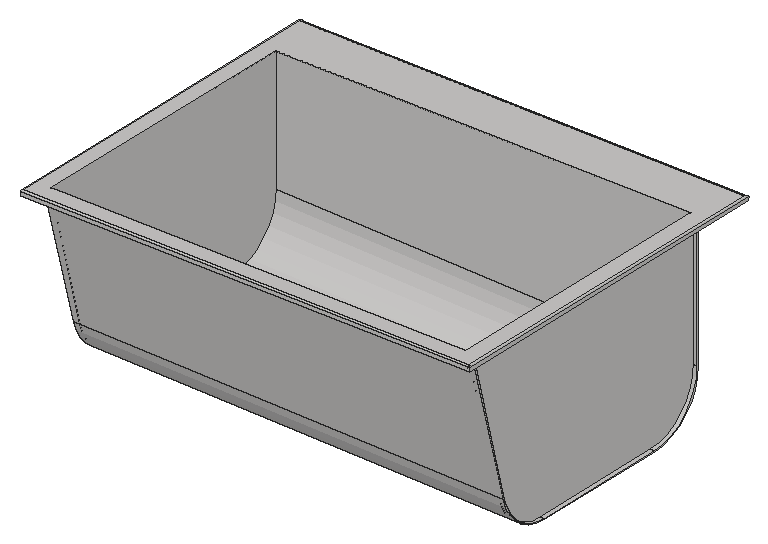
Revit family "PRD_FrankeWS_JntrlUnits_SiriusMultiPurposeSink_BS323N,BS324N", category Plumbing Fixtures, host Face, Revit 2018
Family settings
  Host = Face
  Round Connector Dimension = Use Diameter
  Part Type = Normal
  OmniClass Number = 23.45.05.14.14
  OmniClass Title = Sinks/Lavatories
  Cut with Voids When Loaded = No
  Shared = No
  Room Calculation Point = No
Parameters (values of type "BS323N")
  WaterSupplyOverflowAndWasteHolesWaterSupply = "Single tap hole, middle, 35 mm"
  WaterSupplyOverflowAndWasteHolesWaste = "Right-Back-Corner"
  WaterSupplyOverflowAndWasteHolesOverflow = "Stand pipe overflow"
  WasteSize = 40.00 mm
  WarrantyStartDate [instance] = "1900-12-31T23:59:59"
  WarrantyGuarantorParts = "n/a"
  WarrantyGuarantorLabor = "n/a"
  WarrantyDurationUnit = "year"
  WarrantyDurationParts = "n/a"
  WarrantyDurationLabor = "n/a"
  WarrantyDescription = "n/a"
  Version = "1"
  Uniclass2015Version = "Products v1.10"
  Uniclass2015Title = "Janitorial sinks"
  Uniclass2015Code = "Pr_40_20_96_44"
  URL = "www.kwc.com"
  Taphole = yes
  TagNumber [instance] = "n/a"
  SustainabilityPerformance = "n/a"
  Size = "670 x 520 x 281mm"
  SinkType = "Other"
  SinkMounting = "CounterTop"
  SinkMaterial = PRD_AR_StainlessSteel_SatinFinished
  Shape = "Rectangular"
  SerialNumber [instance] = "n/a"
  Revision = "n/a"
  ReplacementCost = "n/a"
  ProductInformation = "https://pim.kwc.com/product/2030045756/attachment/datasheet?locale=en"
  OutletSize = "DN 40 (1 1/2 inch.)"
  Options = "n/a"
  NominalWidth = 670 mm
  NominalHeight = 281 mm
  NominalDepth = 520 mm
  NetWeight = 6.10 kg
  Name = "Sirius multi purpose sink BS323N"
  NBSTypeID = "n/a"
  NBSReference = "45-35-70/401"
  NBSOfficeMasterTag = "n/a"
  NBSNote = "n/a"
  NBSDescription = "Janitorial units"
  NBSCertification = "n/a"
  ModelReference = "BS323N"
  ModelNumber = "2030045756"
  Model = ModelReference  # "BS323N"
  Material = "Stainless steel"
  ManufacturerURL = "www.kwc.com"
  ManufacturerName = "KWC Group AG"  # constant formula
  Manufacturer = ManufacturerName  # "KWC Group AG"
  IntegralAccessories = "incl. washer and clamps for inset mounting"
  InstallationDate [instance] = "1900-12-31T23:59:59"
  IfcExportType = "SINK"
  IfcExportAs = "IfcSanitaryTerminalType"
  GrossWeight = 7.10 kg
  Grade = "n/a"
  Form = "Stainless steel multi purpose sink"
  FinishAndMaterial = "Stainless steel 1.4301"
  Finish = "Satin finished"
  Features = "stainless steel, 0.80 mm, satin finished, inset mounting, 670x281x520 mm (WxHxD)"
  ExpectedLife = "n/a"
  DurationUnit = "year"
  DrainSize = "DN 40 (1 1/2 inch.)"
  Description = "SIRIUS washtrough for inset mounting, stainless steel, satin finished surface, material thickness of trough 0.8 mm / side panels 1.2 mm, seamlessly welded, front panel without rubbing board, 75 mm tap landing, with 35 mm tap hole, no overflow, right hand drain, G 1 1/2 B plastic standpipe strainer, includes seals and fixing claws for inset mounting."
  Default Elevation = 0 mm
  CreateOn = "11/2018"  # constant formula
  Constituents = "n/a"
  ConnectingDimensions = "n/a"
  Color = "Stainless steel"
  CodePerformance = "n/a"
  Category = "Pr_40_20_96_44, Janitorial sinks"
  BarCode [instance] = "n/a"
  BIMObjectName = "PRD_AR_JanitorialUnits_SiriusMultiPurposeSink_BS323N"
  Author = "Archispace"  # constant formula
  AssetType = "Fixed"
  AssetIdentifier [instance] = "n/a"
  AccessibilityPerformance = "n/a"
Types (2, lengths in mm): name | WaterSupplyOverflowAndWasteHolesWaterSupply | Taphole | ProductInformation | Name | ModelReference | ModelNumber | Model | Description | BIMObjectName
  BS324N | "No tapholes" | no | "https://pim.kwc.com/product/2030045757/attachment/datasheet?locale=en" | "Sirius multi purpose sink BS324N" | "BS324N" | "2030045757" | "BS324N" | "SIRIUS washtrough for inset mounting, stainless steel, satin finished surface, material thickness of trough 0.8 mm / side panels 1.2 mm, seamlessly welded, front panel without rubbing board, 75 mm tap landing, no tap holes, no overflow, right hand waste, G 1 1/2 B plastic standpipe strainer, includes seals and fixing claws for inset mounting." | "PRD_AR_JanitorialUnits_SiriusMultiPurposeSink_BS324N"
  BS323N | "Single tap hole, middle, 35 mm" | yes | "https://pim.kwc.com/product/2030045756/attachment/datasheet?locale=en" | "Sirius multi purpose sink BS323N" | "BS323N" | "2030045756" | "BS323N" | "SIRIUS washtrough for inset mounting, stainless steel, satin finished surface, material thickness of trough 0.8 mm / side panels 1.2 mm, seamlessly welded, front panel without rubbing board, 75 mm tap landing, with 35 mm tap hole, no overflow, right hand drain, G 1 1/2 B plastic standpipe strainer, includes seals and fixing claws for inset mounting." | "PRD_AR_JanitorialUnits_SiriusMultiPurposeSink_BS323N"
Reference planes
  plane 1 "Center (Front/Back)": y = 0
  plane 2: z = 0
  plane 3 "Center (Left/Right)": x = 0
Forms (mm)
  Extrusion 1, void
    sketch origin (0, 0, 0) x (1, 0, 0) y (0, 1, 0)
      loop
        line (-325, -509.996) -> (325, -509.996) -> (325, -9.996) -> (-325, -9.996) -> (-325, -509.996)
    from 0 to -279
Dimensions and locks
  aligned and locked: plane 2 to host face
  aligned and locked: level to host face
Nested families
  nested 1: "BS323,4" at (0, 0, -2.248), type "BS323,4"
Connectors
  piping at (270, -195, -279), diameter 40, driven by "WasteSize", driven by "DrainSize"
    settings: on nested 1, index 1, connector inside diameter 609.60 mm, connector length 0 mm, flow factor 0, pipe flow 0.0 L/s, pressure drop 0.0 Pa, fitting loss kfactor 0, connector angle 0.00°, fixture units 0, engagement length 0 mm, angle of deflection 0.00°, flow configuration 2, flow direction 2, fitting loss method 0, system type 16, joint type 0, gender type 0, connector reference index -1, connector utility 0, adjustable connector no, is connector primary yes, connector description "DN 40 (1 1/2 inch.)"
Definition of nested family "BS323,4"
  Parameters (values of type "BS323,4")
    Taphole = yes
    Material = none
  Reference planes
    plane 1 "Center (Front/Back)": y = 0
    plane 2: z = 2.248
    plane 3 "Center (Left/Right)": x = 0
  Forms (mm)
    Extrusion 1, solid, material <- "Material", detail levels fine
      sketch origin (0, 0, 0) x (0, 1, 0) y (0, 0, 1)
        loop
          line (-520, 10.248) -> (-520, 2.248) -> (0, 2.248) -> (0, 10.248) -> (-520, 10.248)
      from -335 to 335
    Blend 2, solid, material <- "Material", detail levels fine
      base sketch origin (0, 0, 0) x (0, 1, 0) y (0, 0, 1)
        loop
          line (-493.683, 2.2) -> (-436.474, -211.305)
          arc (-436.474, -211.305) -> (-407.901, -254.068) -> (-359.2, -270.6) r 80
          line (-359.2, -270.6) -> (-154.2, -270.6)
          arc (-154.2, -270.6) -> (-97.631, -247.168) -> (-74.2, -190.6) r 80
          line (-74.2, -190.6) -> (-74.2, 2.2) -> (-493.683, 2.2)
      top sketch origin (0, 0, 0) x (0, 1, 0) y (0, 0, 1)
        loop
          line (-74.2, -174.6) -> (-74.2, 2.2) -> (-493.683, 2.2) -> (-440.761, -195.305)
          arc (-440.761, -195.305) -> (-412.188, -238.068) -> (-363.487, -254.6) r 80
          line (-363.487, -254.6) -> (-154.2, -254.6)
          arc (-154.2, -254.6) -> (-97.631, -231.168) -> (-74.2, -174.6) r 80
      from 319 to -319
    Blend 3, void
      base sketch origin (0, 0, 0) x (0, 1, 0) y (0, 0, 1)
        loop
          arc (-154.2, -253.6) -> (-98.339, -230.461) -> (-75.2, -174.6) r 79
          line (-75.2, -174.6) -> (-75.2, 10.2) -> (-494.791, 10.2) -> (-439.795, -195.046)
          arc (-439.795, -195.046) -> (-411.579, -237.275) -> (-363.487, -253.6) r 79
          line (-363.487, -253.6) -> (-154.2, -253.6)
      top sketch origin (0, 0, 0) x (0, 1, 0) y (0, 0, 1)
        loop
          line (-75.2, 10.2) -> (-494.791, 10.2) -> (-435.508, -211.046)
          arc (-435.508, -211.046) -> (-407.292, -253.275) -> (-359.2, -269.6) r 79
          line (-359.2, -269.6) -> (-154.2, -269.6)
          arc (-154.2, -269.6) -> (-98.339, -246.461) -> (-75.2, -190.6) r 79
          line (-75.2, -190.6) -> (-75.2, 10.2)
      from -310 to 310
    Extrusion 4, void
      sketch origin (0, 0, 0) x (0, 1, 0) y (0, 0, 1)
        loop
          arc (-154.2, -269.6) -> (-98.339, -246.461) -> (-75.2, -190.6) r 79
          line (-75.2, -190.6) -> (-75.2, 2.2) -> (-492.647, 2.2) -> (-435.508, -211.046)
          arc (-435.508, -211.046) -> (-407.292, -253.275) -> (-359.2, -269.6) r 79
          line (-359.2, -269.6) -> (-154.2, -269.6)
      from 319 to 312
    Extrusion 5, void
      sketch origin (0, 0, 0) x (0, 1, 0) y (0, 0, 1)
        loop
          arc (-154.2, -253.6) -> (-98.339, -230.461) -> (-75.2, -174.6) r 79
          line (-75.2, -174.6) -> (-75.2, 2.2) -> (-492.647, 2.2) -> (-439.795, -195.046)
          arc (-439.795, -195.046) -> (-411.579, -237.275) -> (-363.487, -253.6) r 79
          line (-363.487, -253.6) -> (-154.2, -253.6)
      from -312 to -319
    Sweep 6, void
      path in 3D
        loop
          line (-335, 0, 10.248) -> (-335, -520, 10.248) -> (335, -520, 10.248) -> (335, 0, 10.248) -> (-335, 0, 10.248)
      profile origin (0, 0, 10.248) x (0, -1, 0) y (0, 0, 1)
        loop
          line (0, 0) -> (0, -2.5)
          arc (0, -2.5) -> (0.732, -0.732) -> (2.5, 0) r 2.5
          line (2.5, 0) -> (0, 0)
    Extrusion 7, solid, material <- "Material"
      sketch origin (0, 0, 2.248) x (1, 0, 0) y (0, 1, 0)
        loop
          circle (270, -195) r 25
      from -269.3 to -279
    Extrusion 8, solid, material <- "Material", detail levels medium
      sketch origin (0, 0, 0) x (0, 1, 0) y (0, 0, 1)
        loop
          line (0, 2.248) -> (0, 10.248) -> (-520, 10.248) -> (-520, 2.248) -> (0, 2.248)
      from -335 to 335
    Blend 9, solid, material <- "Material", detail levels medium
      base sketch origin (0, 0, 0) x (0, 1, 0) y (0, 0, 1)
        loop
          line (-74.2, -190.6) -> (-74.2, 2.2) -> (-493.683, 2.2) -> (-436.474, -211.305)
          arc (-436.474, -211.305) -> (-407.901, -254.068) -> (-359.2, -270.6) r 80
          line (-359.2, -270.6) -> (-154.2, -270.6)
          arc (-154.2, -270.6) -> (-97.631, -247.168) -> (-74.2, -190.6) r 80
      top sketch origin (0, 0, 0) x (0, 1, 0) y (0, 0, 1)
        loop
          line (-74.2, -174.6) -> (-74.2, 2.2) -> (-493.683, 2.2) -> (-440.761, -195.305)
          arc (-440.761, -195.305) -> (-412.188, -238.068) -> (-363.487, -254.6) r 80
          line (-363.487, -254.6) -> (-154.2, -254.6)
          arc (-154.2, -254.6) -> (-97.631, -231.168) -> (-74.2, -174.6) r 80
      from 319 to -319
    Blend 10, void
      base sketch origin (0, 0, 0) x (0, 1, 0) y (0, 0, 1)
        loop
          arc (-154.2, -253.6) -> (-98.339, -230.461) -> (-75.2, -174.6) r 79
          line (-75.2, -174.6) -> (-75.2, 10.2) -> (-494.791, 10.2) -> (-439.795, -195.046)
          arc (-439.795, -195.046) -> (-411.579, -237.275) -> (-363.487, -253.6) r 79
          line (-363.487, -253.6) -> (-154.2, -253.6)
      top sketch origin (0, 0, 0) x (0, 1, 0) y (0, 0, 1)
        loop
          arc (-154.2, -269.6) -> (-98.339, -246.461) -> (-75.2, -190.6) r 79
          line (-75.2, -190.6) -> (-75.2, 10.2) -> (-494.791, 10.2) -> (-435.508, -211.046)
          arc (-435.508, -211.046) -> (-407.292, -253.275) -> (-359.2, -269.6) r 79
          line (-359.2, -269.6) -> (-154.2, -269.6)
      from -310 to 310
    Extrusion 11, solid, material <- "Material", detail levels coarse
      sketch origin (0, 0, 0) x (0, 1, 0) y (0, 0, 1)
        loop
          line (0, 2.248) -> (0, 10.248) -> (-520, 10.248) -> (-520, 2.248) -> (0, 2.248)
      from -335 to 335
    Blend 12, solid, material <- "Material", detail levels coarse
      base sketch origin (0, 0, 0) x (0, 1, 0) y (0, 0, 1)
        loop
          line (-74.2, -174.6) -> (-74.2, 2.2) -> (-493.683, 2.2) -> (-440.761, -195.305)
          arc (-440.761, -195.305) -> (-412.188, -238.068) -> (-363.487, -254.6) r 80
          line (-363.487, -254.6) -> (-154.2, -254.6)
          arc (-154.2, -254.6) -> (-97.631, -231.168) -> (-74.2, -174.6) r 80
      top sketch origin (0, 0, 0) x (0, 1, 0) y (0, 0, 1)
        loop
          line (-359.2, -270.6) -> (-154.2, -270.6)
          arc (-154.2, -270.6) -> (-97.631, -247.168) -> (-74.2, -190.6) r 80
          line (-74.2, -190.6) -> (-74.2, 2.2) -> (-493.683, 2.2) -> (-436.474, -211.305)
          arc (-436.474, -211.305) -> (-407.901, -254.068) -> (-359.2, -270.6) r 80
      from -319 to 319
  Cuts and joins
    Blend 3, Sweep 6 cuts Extrusion 1
    Blend 3, Extrusion 4, Extrusion 5, Sweep 6 cuts Blend 2
    joined: Extrusion 1, Blend 2
    Blend 10 cuts Extrusion 8
    Blend 10 cuts Blend 9
    joined: Extrusion 8, Blend 9
    joined: Extrusion 11, Blend 12
  Lines and regions (mm)
    sketch lines
      curve 1: line (335, 0, 10.248) -> (-335, 0, 10.248)
      curve 2: line (-335, -520, 10.248) -> (-335, 0, 10.248)
      curve 3: line (335, -520, 10.248) -> (-335, -520, 10.248)
      curve 4: line (335, 0, 10.248) -> (335, -520, 10.248)
    model lines, visible <- "Taphole"
      curve 5: circle (0, -37.5, 10.248) r 17.5 normal (0, 0, 1)
    symbolic lines, detail levels coarse
      curve 6: line (-310, -75.2, 2.248) -> (310, -75.2, 2.248)
      curve 7: line (-310, -493.696, 2.248) -> (-310, -75.2, 2.248)
      curve 8: line (310, -493.696, 2.248) -> (-310, -493.696, 2.248)
      curve 9: line (310, -75.2, 2.248) -> (310, -493.696, 2.248)
  Dimensions and locks
    aligned and locked: level to plane 2
